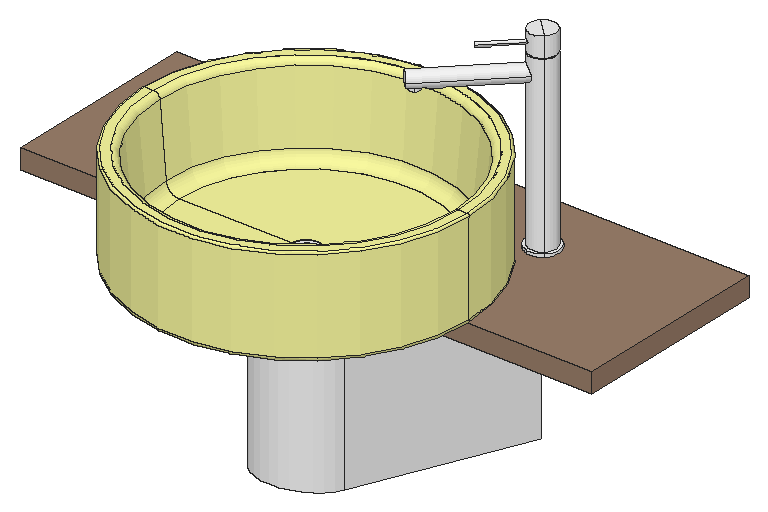
Revit family "PLM-SNK-AEC-Wash_Basin", category Plumbing Fixtures, Revit 2016
Family settings
  Part Type = Normal
  Round Connector Dimension = Use Diameter
  Work Plane-Based = No
  Always vertical = Yes
  Cut with Voids When Loaded = No
  Shared = No
  Room Calculation Point = No
Parameters (values of type "Standard")
  Taps and Fittings Material = Metal - Chrome Polished
  Tap Height = 300 mm
  Symbol <Detail Items> = DTL-GNL-AEC-Wash_Basin : Standard
  Sink Material = Porcelain
  Show Yellow Background = yes
  Shelf Thickness = 30 mm
  Shelf Material = Wood - Walnut Natural
  Shelf Length = 875 mm
  Shelf Depth = 300 mm
  Nominal Diameter = 12 mm
  Manufacturer = ""
  Keynote = ""
  Drain Connection Diameter = 12 mm
  Assembly Code = ""
Reference planes
  plane 1 "Center (Front/Back)": y = 0
  plane 2: z = 0
  plane 3 "Center (Left/Right)": x = 24.85
  plane 4: x = -412.65
  plane 5: x = 462.35
  plane 6: y = -300
  plane 7: y = -300
Forms (mm)
  Extrusion 1, solid, material "Wood - Walnut Natural" <- "Shelf Material"
    sketch origin (0, 0, 0) x (1, 0, 0) y (0, 1, 0)
      loop
        line (-412.65, 0) -> (-412.65, -300) -> (462.35, -300) -> (462.35, 0) -> (-412.65, 0)
    from 0 to -30
  Revolve 2, solid, material "Porcelain" <- "Sink Material"
    sketch origin (-373.715, -300, 4000) x (-1, 0, 0) y (0, 0, 1)
      loop
        line (-381.565, -4000) -> (-153.565, -4000)
        arc (-153.565, -4000) -> (-150.03, -3998.536) -> (-148.565, -3995) r 5
        line (-148.565, -3995) -> (-148.565, -3853)
        arc (-148.565, -3853) -> (-149.444, -3850.879) -> (-151.565, -3850) r 3
        line (-151.565, -3850) -> (-164.402, -3850)
        arc (-164.402, -3850) -> (-171.158, -3852.627) -> (-174.364, -3859.128) r 10
        line (-174.364, -3859.128) -> (-183.779, -3966.743)
        arc (-183.779, -3966.743) -> (-190.191, -3979.746) -> (-203.703, -3985) r 20
        line (-203.703, -3985) -> (-376.565, -3985) -> (-376.565, -3986.535) -> (-381.565, -3986.535) -> (-381.565, -4000)
      axis (-398.565, -4000) -> (-398.565, -3850)
    angle from 0 to 360
  Revolve 3, solid, material "Metal - Chrome Polished" <- "Taps and Fittings Material"
    sketch origin (-373.715, -300, 4000) x (-1, 0, 0) y (0, 0, 1)
      loop
        line (-384.827, -3985) -> (-384.827, -3996.275) -> (-398.565, -3996.275) -> (-398.565, -4000) -> (-381.565, -4000) -> (-381.565, -3986.535) -> (-376.565, -3986.535) -> (-376.565, -3985) -> (-384.827, -3985)
      axis (-398.565, -4000) -> (-398.565, -3985)
    angle from 0 to 360
  Extrusion 4, solid, material "Metal - Chrome Polished" <- "Taps and Fittings Material"
    sketch origin (0, 0, 0) x (1, 0, 0) y (0, 1, 0)
      loop
        arc (-44.237, -311.271) -> (24.85, -370) -> (93.937, -311.271) r 70
        line (93.937, -311.271) -> (144.718, 0) -> (-95.018, 0) -> (-44.237, -311.271)
    from -30 to -335.824
  Extrusion 5, void
    sketch origin (24.85, 0, 0) x (0, 1, 0) y (0, 0, 1)
      loop
        line (-380, -335.824) -> (0, -335.824) -> (-380, -275.824) -> (-380, -335.824)
    from -182.71 to 165.115
  Extrusion 6, solid, material "Metal - Chrome Polished" <- "Taps and Fittings Material"
    sketch origin (154.85, 0, 0) x (-1, 0, 0) y (0, 0, 1)
      loop
        circle (130, -95.067) r 6
      loop
        circle (130, -165.349) r 6
    from 0 to 5
Cuts and joins
  Extrusion 5 cuts Extrusion 1
  Extrusion 5 cuts Revolve 2
  Extrusion 5 cuts Revolve 3
  Extrusion 5 cuts Extrusion 4
Dimensions and locks
  equal spacing: plane 4, plane 3 "Center (Left/Right)", plane 5
  "Shelf Length": plane 4 to plane 5
  "Shelf Depth": plane 6 to plane 1 "Center (Front/Back)"
  "Shelf Thickness": level to Extrusion 1
  plane 3 "Center (Left/Right)" to Revolve 2 sketch curve = 250 mm
  "Nominal Diameter": diameter of Extrusion 6 sketch curve
  "Drain Connection Diameter": diameter of Extrusion 6 sketch curve
  aligned and locked: Extrusion 4 to Extrusion 1
  aligned and locked: Extrusion 4 sketch curve to plane 1 "Center (Front/Back)"
  aligned and locked: nested 2 to plane 3 "Center (Left/Right)"
  aligned and locked: nested 2 to plane 7
  aligned and locked: plane 3 "Center (Left/Right)" to Extrusion 6 sketch curve  (x2)
Automatic sketch dimensions
  Extrusion 1 sketch curve to plane 4 = 0 mm
  Extrusion 1 sketch curve to plane 5 = 0 mm
  Extrusion 1 sketch curve to plane 6 = 0 mm
  Extrusion 1 sketch curve to plane 1 "Center (Front/Back)" = 0 mm
  Revolve 2 sketch curve to plane 3 "Center (Left/Right)" = 0 mm
  Revolve 2 sketch curve to level = 0 mm
  Revolve 2 sketch curve to plane 3 "Center (Left/Right)" = 17 mm
  Revolve 2 sketch curve to Revolve 2 sketch curve = 5 mm  (x2)
  level to Revolve 2 sketch curve = 35 mm
  Revolve 2 sketch curve to Revolve 2 sketch curve = 19.924 mm
  Revolve 2 sketch curve to Revolve 2 sketch curve = 9.415 mm
  Revolve 2 sketch curve to Revolve 2 sketch curve = 9.962 mm
  Revolve 2 sketch curve to Revolve 2 sketch curve = 30.214 mm
  Revolve 2 sketch curve to Revolve 2 sketch curve = 12.837 mm
  Revolve 2 sketch curve to level = 50 mm
  level to Revolve 2 sketch curve = 13.465 mm
  Revolve 2 sketch curve to Revolve 2 sketch curve = 1.535 mm
  Revolve 2 sketch curve to Revolve 2 sketch curve = 41.535 mm
  Revolve 2 sketch curve to Revolve 2 sketch curve = 106.743 mm
  Revolve 2 sketch curve to Revolve 2 sketch curve = 0.872 mm
  Revolve 3 sketch curve to level = 0 mm
  Revolve 3 sketch curve to plane 3 "Center (Left/Right)" = 0 mm  (x2)
  level to Revolve 3 sketch curve = 3.725 mm
  Revolve 3 sketch curve to Revolve 3 sketch curve = 13.738 mm
  Revolve 3 sketch curve to Revolve 3 sketch curve = 3.262 mm
  Revolve 3 sketch curve to Revolve 3 sketch curve = 5 mm
  Revolve 3 sketch curve to level = 6.992 mm
  Revolve 3 sketch curve to Revolve 3 sketch curve = 9.74 mm
  Revolve 3 sketch curve to Revolve 3 sketch curve = 1.535 mm
  Revolve 3 sketch curve to Revolve 3 sketch curve = 12.012 mm
  Extrusion 5 sketch curve to plane 1 "Center (Front/Back)" = 0 mm
  Extrusion 5 sketch curve to plane 7 = 80 mm
  Extrusion 5 sketch curve to level = 335.824 mm
  Extrusion 5 sketch curve to Extrusion 5 sketch curve = 60 mm
  Extrusion 4 sketch curve to plane 3 "Center (Left/Right)" = 0 mm
  Extrusion 4 sketch curve to plane 7 = 0 mm
  Extrusion 4 sketch curve to plane 7 = 11.271 mm  (x2)
  Extrusion 4 sketch curve to plane 3 "Center (Left/Right)" = 69.087 mm
  Extrusion 4 sketch curve to plane 3 "Center (Left/Right)" = 119.868 mm
  plane 3 "Center (Left/Right)" to Extrusion 4 sketch curve = 119.868 mm
  Extrusion 4 to Extrusion 6 sketch curve = 170.475 mm
  Extrusion 4 to Extrusion 6 sketch curve = 65.067 mm
Nested families
  nested 1: "UK_Mdrn Tap Style C" at (226.375, -98.475, 0) x (0.7071, -0.7071, 0) z (0, 0, 1), type "UK_Mdrn Tap Style C"
  nested 2: "DTL-GNL-AEC-Wash_Basin" at (24.85, -300, 0), type <- "Symbol <Detail Items>", Show Yellow Background <- "Show Yellow Background", type "Standard"
Connectors
  piping at (24.85, 5, -95.067), diameter 12, driven by "Nominal Diameter"
    settings: on Extrusion 6, index 1, connector inside diameter 609.6 mm, connector length 0 mm, flow factor 0, pipe flow 0.0 L/s, pressure drop 0.0 Pa, fitting loss kfactor 0, connector angle 0.00°, fixture units 0, engagement length 0 mm, angle of deflection 0.00°, flow configuration 0, flow direction 1, fitting loss method 0, system type 7, joint type 0, gender type 0, connector reference index -1, connector utility 0, adjustable connector no, is connector primary yes, connector description "Water In"
  piping at (24.85, 5, -165.349), diameter 12, driven by "Drain Connection Diameter"
    settings: on Extrusion 6, index 2, connector inside diameter 609.6 mm, connector length 0 mm, flow factor 0, pipe flow 0.0 L/s, pressure drop 0.0 Pa, fitting loss kfactor 0, connector angle 0.00°, fixture units 0, engagement length 0 mm, angle of deflection 0.00°, flow configuration 0, flow direction 2, fitting loss method 0, system type 16, joint type 0, gender type 0, connector reference index -1, connector utility 0, adjustable connector no, is connector primary no, connector description "Drain Out"
Definition of nested family "UK_Mdrn Tap Style C"
  Parameters
    Tap Height = 300 mm
    Material Tap = none
    Manufacturer = "Revit"
  Reference planes
    plane 1 "Center (Front/Back)": y = 0
    plane 2: z = 0
    plane 3 "Center (Left/Right)": x = 0
  Forms (mm)
    Revolve 1, solid, material <- "Material Tap"
      sketch origin (0, 0, 0) x (1, 0, 0) y (0, 0, 1)
        loop
          line (0, 0) -> (0, 300) -> (-20, 300) -> (-20, 270) -> (-18, 270) -> (-18, 268) -> (-20, 268) -> (-20, 4) -> (-25, 4) -> (-25, 0) -> (0, 0)
        axis (0, 0) -> (0, 300)
      angle from 0 to 360
    Extrusion 2, solid, material <- "Material Tap"
      sketch origin (0, 0, 0) x (1, 0, 0) y (0, 0, 1)
        loop
          circle (0, 283.268) r 3
      from 0 to 82.043
    Extrusion 3, solid, material <- "Material Tap"
      sketch origin (0, 0, 0) x (1, 0, 0) y (0, 0, 1)
        loop
          circle (0, 240.642) r 12
      from 0 to 165.708
    Extrusion 4, void
      sketch origin (0, 0, -1.47) x (0, -1, 0) y (0, 0, 1)
        loop
          line (165.708, 229.642) -> (165.708, 234.642) -> (140.708, 234.642) -> (140.708, 229.642) -> (165.708, 229.642)
      from -15.058 to 15.415
    Extrusion 5, solid, material <- "Material Tap"
      sketch origin (0, 0, 0) x (1, 0, 0) y (0, 1, 0)
        loop
          circle (0, -154.43) r 8
      from 227.072 to 233.172
  Cuts and joins
    Extrusion 4 cuts Revolve 1
    joined: Revolve 1, Extrusion 5
    Extrusion 4 cuts Extrusion 2
    Extrusion 4 cuts Extrusion 3
  Dimensions and locks
    "Tap Height": Revolve 1 sketch curve to level
    locked: Extrusion 4 sketch curve to Extrusion 4 sketch curve at 5
    locked: cut or joined group of Revolve 1, Extrusion 4, Extrusion 5 to Extrusion 5 at 6.1
    locked: cut or joined group of Revolve 1, Extrusion 4, Extrusion 5 to Extrusion 2 sketch curve at 16.732
    locked: cut or joined group of Revolve 1, Extrusion 4, Extrusion 5 to Extrusion 3 sketch curve at 59.358
    locked: cut or joined group of Revolve 1, Extrusion 4, Extrusion 5 to cut or joined group of Extrusion 3, Extrusion 4 at 66.828
    aligned and locked: Extrusion 2 to plane 1 "Center (Front/Back)"
    aligned and locked: Extrusion 3 to plane 1 "Center (Front/Back)"
    aligned and locked: cut or joined group of Revolve 1, Extrusion 4, Extrusion 5 to Extrusion 5
  Automatic sketch dimensions
    Revolve 1 sketch curve to level = 0 mm
    Revolve 1 sketch curve to plane 3 "Center (Left/Right)" = 0 mm  (x2)
    Revolve 1 sketch curve to plane 3 "Center (Left/Right)" = 18 mm
    Revolve 1 sketch curve to Revolve 1 sketch curve = 2 mm  (x2)
    Revolve 1 sketch curve to Revolve 1 sketch curve = 0 mm
    Revolve 1 sketch curve to Revolve 1 sketch curve = 5 mm
    Revolve 1 sketch curve to level = 25 mm
    level to Revolve 1 sketch curve = 4 mm
    Revolve 1 sketch curve to Revolve 1 sketch curve = 32 mm
    Revolve 1 sketch curve to Revolve 1 sketch curve = 24 mm
    Extrusion 2 sketch curve to plane 3 "Center (Left/Right)" = 0 mm
    Extrusion 3 sketch curve to plane 3 "Center (Left/Right)" = 0 mm
    Extrusion 4 sketch curve to Extrusion 4 sketch curve = 25 mm
    Extrusion 5 sketch curve to plane 3 "Center (Left/Right)" = 0 mm
    level to Extrusion 4 sketch curve = 228.172 mm
    plane 1 "Center (Front/Back)" to Extrusion 4 sketch curve = 140.708 mm
    plane 1 "Center (Front/Back)" to Extrusion 5 sketch curve = 154.43 mm
    radius of Extrusion 2 sketch curve = 3 mm
    radius of Extrusion 3 sketch curve = 12 mm
    radius of Extrusion 5 sketch curve = 8 mm
Definition of nested family "DTL-GNL-AEC-Wash_Basin"
  Parameters (values of type "Standard")
    Show Yellow Background [instance] = yes
  Reference planes
    plane 1 "Center (Front/Back)": y = 0
    plane 2: z = 0
    plane 3 "Center (Left/Right)": x = 0
  Lines and regions (mm)
    Filled region 1, type "Solid Fill - Yellow", in view "Ref. Level", visible <- "Show Yellow Background"
      outline origin (0, 0, 0) x (1, 0, 0) y (0, 1, 0)
        loop
          circle (0, 0) r 250
    Masking region 1, in view "Ref. Level"
      outline origin (0, 0, 0) x (1, 0, 0) y (0, 1, 0)
        loop
          circle (0, 0) r 250
    detail lines, in view "Ref. Level"
      curve 1: circle (0, 0, 0) r 230 normal (0, 0, 1)
      curve 2: circle (0, 0, 0) r 15 normal (0, 0, 1)
      curve 3: line (142.677, 205.289, 0) -> (91.313, 131.385, 0)
      curve 4: line (91.313, 131.385, 0) -> (120.053, 111.41, 0)
      curve 5: line (120.053, 111.41, 0) -> (170.012, 183.292, 0)
      curve 6: circle (0, 0, 0) r 250 normal (0, 0, 1)
